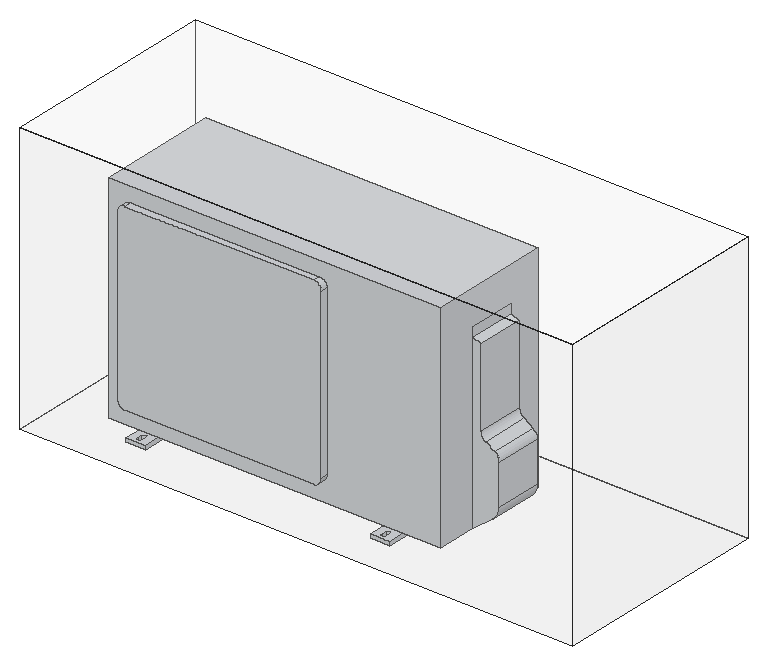
Revit family "mucz-g22_5625_60hz", category 機械設備, Revit 2019
Family settings
  丸型コネクタ寸法 = 直径を使用
  パーツ タイプ = 標準
  OmniClass 番号 = 23.75.10.24.21.27.27
  OmniClass タイトル = Split System Air Conditioning Units
  作業面ベース = いいえ
  常に垂直 = はい
  ロード時にボイドで切り取り = いいえ
  共有 = いいえ
  部屋計算ポイント = いいえ
Parameters (values of type "室外機_MUCZ-G2225")
  風量 = MAX風量  # 1370.0 m³/h
  音響パワーレベル(dB) = if([運転音(強冷房)  db] > [運転音(強暖房)  db], [運転音(強冷房)  db], [運転音(強暖房)  db])  # 59
  電源種別 = ""
  電圧 = 100 V
  電動機出力_送風機 = 22 W
  電動機出力_圧縮機 = 600 W
  運転音(強暖房)  db = 59
  運転音(強冷房)  db = 59
  運転質量 = 0.00 kg
  運転方法 = "冷暖切替"
  質量 = if(製品質量 > 運転質量, 製品質量, 運転質量) * 1.2  # 22.80 kg
  負荷分類 = 1_熱源類
  説明 = "ルームエアコン(霧ヶ峰) GVシリーズ 室外ユニット"
  設計暖房能力 [instance] = 0 kW
  設計冷房能力_顕熱 [instance] = 0 kW
  設計冷房能力 [instance] = 0 kW
  設置方法 = "床置形"
  記号 [instance] = ""
  製造元 = "三菱電機株式会社"
  製品質量 = 19.00 kg
  製品出荷対象 = "国内"
  製品リリース年月 = "-"
  製品グループ = ""
  系統 [instance] = ""
  符号 = "ACR"
  積算_科目 = "1 空気調和設備"
  積算_拾い区分 [instance] = ""
  相 = 1
  盤記号 [instance] = ""
  発停方法 = "付属スイッチ"
  特殊仕様 [instance] = ""
  法定耐用年数 = "6"
  構成品番 = ""
  極数 = 1
  材質 = ""
  本体マテリアル = none
  最大電流値 = 0 A
  暖房能力 = 2.2 kW
  暖房 風量 = 1265.0 m³/h
  推奨ブレーカー容量 = 0 A
  形式 = "パッケージ形 屋外機"
  形名 = MUCZ-G22* : MUCZ-G22*
  幹線記号 = ""
  始動方式 = "直入"
  呼称 = "パッケージ形空気調和機_室外機"
  周波数 = 60 Hz
  冷房 風量 = 1370.0 m³/h
  冷媒　位置Z = 128.5 mm
  冷媒　位置Y = 136 mm
  冷媒　位置X = 361.5 mm
  価格 = 0
  参照している仕様書等のバージョン = "公共建築物標準仕様書（機械設備工事編）平成31年度版"
  分類コード = "50053004206100"
  分類グループ = ""
  冷房能力 = 2.2 kW
  冷媒管径符号 = "Ab"
  冷媒管径 = 100.00 mm
  冷媒液管径 = 6.35 mm
  冷媒ガス管径 = 9.52 mm
  企業コード = "108420"
  付属品 = ""
  仕様書バージョン = "Version1.0"
  モデル = "MUCZ-G2225"
  ドレン穴径 = 42.00 mm
  ドレン　位置Z = 23.5 mm
  ドレン　位置Y = 44 mm
  ドレン　位置X = 0 mm
  サービススペース = yes
  コメント [instance] = ""
  ケーブル種類1 = ""
  【値が 0 の項目は組合せ形名にてご確認ください】 = ""
  Width = 679 mm
  Version = ""
  Uniclass2015Version = "Systems v1.9"
  Uniclass2015Title = "Split coil remote air cooled condensing units"
  Uniclass2015Code = "Pr_70_65_03_84"
  URL = "https://www.mitsubishielectric.co.jp/ldg/wink/"
  SpecificationReference = ""
  SpecificationDescription = ""
  Revision = ""
  ProductInformation = ""
  OmniClassCode = "23-33 17 13 11"
  MAX風量 = if(冷房 風量 > 暖房 風量, 冷房 風量, 暖房 風量)  # 1370.0 m³/h
  IfcTypeProduct = ""
  IfcProduct = ""
  IfcExportType = "AIRCONDITIONINGUNIT"
  IfcExportAs = "IfcUnitaryEquipmentType"
  Height = 453 mm
  Depth = 249 mm
  Clearance Top = 100 mm
  Clearance Right = 350 mm
  Clearance Left = 100 mm
  Clearance Front = 100 mm
  Clearance Bottom = 0 mm
  Clearance Back = 100 mm
  COP_暖房 = 4.68
  COP_冷房 = 3.36
  COP = (COP_冷房 + COP_暖房) / 2  # 4.02
  Author = "三菱電機株式会社"
  APF = 0
Types (19, lengths in mm): name | 風量 | 音響パワーレベル(dB) | 電圧 | 電動機出力_送風機 | 電動機出力_圧縮機 | 運転音(強暖房)  db | 運転音(強冷房)  db | 質量 | 製品質量 | 暖房能力 | 暖房 風量 | 形名 | 冷房 風量 | 冷媒　位置Z | 冷媒　位置Y | 冷媒　位置X | 冷房能力 | モデル | ドレン穴径 | ドレン　位置Z | ドレン　位置Y | Width | MAX風量 | Height | Depth | Clearance Front | COP_暖房 | COP_冷房 | COP
  (no name) | 1370.0 m³/h | 59 | 100 V | 22 W | 600 W | 59 | 59 | 22.80 kg | 19.00 kg | 2.2 kW | 1265.0 m³/h | MUCZ-G22* : MUCZ-G22* | 1370.0 m³/h | 128.5 | 136 | 361.5 | 2.2 kW | "MUCZ-G2225" | 42.00 | 23.5 | 44 | 679 | 1370.0 m³/h | 453 | 249 | 100 | 4.68 | 3.36 | 4.02
  室外機_MUCZ-G2225 | 1370.0 m³/h | 59 | 100 V | 22 W | 600 W | 59 | 59 | 22.80 kg | 19.00 kg | 2.2 kW | 1265.0 m³/h | MUCZ-G22* : MUCZ-G22* | 1370.0 m³/h | 128.5 | 136 | 361.5 | 2.2 kW | "MUCZ-G2225" | 42.00 | 23.5 | 44 | 679 | 1370.0 m³/h | 453 | 249 | 100 | 4.68 | 3.36 | 4.02
  室外機_MUCZ-G2525 | 1690.0 m³/h | 61 | 100 V | 22 W | 650 W | 60 | 61 | 22.80 kg | 19.00 kg | 2.8 kW | 1490.0 m³/h | MUCZ-G25_28* : MUCZ-G25_28* | 1690.0 m³/h | 128.5 | 136 | 361.5 | 2.5 kW | "MUCZ-G2525" | 42.00 | 23.5 | 44 | 679 | 1690.0 m³/h | 453 | 249 | 100 | 4.48 | 3.36 | 3.92
  室外機_MUCZ-G2825 | 1710.0 m³/h | 65 | 100 V | 22 W | 750 W | 65 | 62 | 24.00 kg | 20.00 kg | 3.6 kW | 1600.0 m³/h | MUCZ-G25_28* : MUCZ-G25_28* | 1710.0 m³/h | 128.5 | 136 | 361.5 | 2.8 kW | "MUCZ-G2825" | 42.00 | 23.5 | 44 | 679 | 1710.0 m³/h | 453 | 249 | 100 | 3.96 | 3.5 | 3.73
  室外機_MUCZ-G3625 | 2110.0 m³/h | 64 | 100 V | 22 W | 950 W | 64 | 61 | 27.60 kg | 23.00 kg | 4.2 kW | 2015.0 m³/h | MUCZ-G36* : MUCZ-G36* | 2110.0 m³/h | 130.5 | 121 | 371.5 | 3.6 kW | "MUCZ-G3625" | 33.00 | 23.5 | 42 | 699 | 2110.0 m³/h | 538 | 249 | 100 | 3.46 | 2.54 | 3
  室外機_MUCZ-G4025S | 2280.0 m³/h | 64 | 200 V | 50 W | 1100 W | 64 | 61 | 33.60 kg | 28.00 kg | 5 kW | 2280.0 m³/h | MUCZ-G40_56*S : MUCZ-G40_56*S | 2280.0 m³/h | 132.5 | 171 | 429 | 4 kW | "MUCZ-G4025S" | 42.00 | 45 | 44 | 800 | 2280.0 m³/h | 550 | 285 | 200 | 3.38 | 2.41 | 2.895
  室外機_MUCZ-G5625S | 2135.0 m³/h | 68 | 200 V | 50 W | 1500 W | 68 | 65 | 40.80 kg | 34.00 kg | 6.7 kW | 2135.0 m³/h | MUCZ-G40_56*S : MUCZ-G40_56*S | 2040.0 m³/h | 132.5 | 171 | 429 | 5.6 kW | "MUCZ-G5625S" | 42.00 | 45 | 44 | 800 | 2135.0 m³/h | 550 | 285 | 200 | 3.38 | 2.35 | 2.865
  室外機_MUCZ-G2225E | 1370.0 m³/h | 59 | 100 V | 22 W | 600 W | 59 | 59 | 22.80 kg | 19.00 kg | 2.2 kW | 1265.0 m³/h | MUCZ-G22* : MUCZ-G22* | 1370.0 m³/h | 128.5 | 136 | 361.5 | 2.2 kW | "MUCZ-G2225E" | 42.00 | 23.5 | 44 | 679 | 1370.0 m³/h | 453 | 249 | 100 | 4.68 | 3.36 | 4.02
  室外機_MUCZ-G2225EE | 1370.0 m³/h | 59 | 100 V | 22 W | 600 W | 59 | 59 | 22.80 kg | 19.00 kg | 2.2 kW | 1265.0 m³/h | MUCZ-G22* : MUCZ-G22* | 1370.0 m³/h | 128.5 | 136 | 361.5 | 2.2 kW | "MUCZ-G2225EE" | 42.00 | 23.5 | 44 | 679 | 1370.0 m³/h | 453 | 249 | 100 | 4.68 | 3.36 | 4.02
  室外機_MUCZ-G2525E | 1690.0 m³/h | 61 | 100 V | 22 W | 650 W | 60 | 61 | 22.80 kg | 19.00 kg | 2.8 kW | 1490.0 m³/h | MUCZ-G25_28* : MUCZ-G25_28* | 1690.0 m³/h | 128.5 | 136 | 361.5 | 2.5 kW | "MUCZ-G2525E" | 42.00 | 23.5 | 44 | 679 | 1690.0 m³/h | 453 | 249 | 100 | 4.48 | 3.36 | 3.92
  室外機_MUCZ-G2525EE | 1690.0 m³/h | 61 | 100 V | 22 W | 650 W | 60 | 61 | 22.80 kg | 19.00 kg | 2.8 kW | 1490.0 m³/h | MUCZ-G25_28* : MUCZ-G25_28* | 1690.0 m³/h | 128.5 | 136 | 361.5 | 2.5 kW | "MUCZ-G2525EE" | 42.00 | 23.5 | 44 | 679 | 1690.0 m³/h | 453 | 249 | 100 | 4.48 | 3.36 | 3.92
  室外機_MUCZ-G2825E | 1710.0 m³/h | 65 | 100 V | 22 W | 750 W | 65 | 62 | 24.00 kg | 20.00 kg | 3.6 kW | 1600.0 m³/h | MUCZ-G25_28* : MUCZ-G25_28* | 1710.0 m³/h | 128.5 | 136 | 361.5 | 2.8 kW | "MUCZ-G2825E" | 42.00 | 23.5 | 44 | 679 | 1710.0 m³/h | 453 | 249 | 100 | 3.96 | 3.5 | 3.73
  室外機_MUCZ-G2825EE | 1710.0 m³/h | 65 | 100 V | 22 W | 750 W | 65 | 62 | 24.00 kg | 20.00 kg | 3.6 kW | 1600.0 m³/h | MUCZ-G25_28* : MUCZ-G25_28* | 1710.0 m³/h | 128.5 | 136 | 361.5 | 2.8 kW | "MUCZ-G2825EE" | 42.00 | 23.5 | 44 | 679 | 1710.0 m³/h | 453 | 249 | 100 | 3.96 | 3.5 | 3.73
  室外機_MUCZ-G3625E | 2110.0 m³/h | 64 | 100 V | 22 W | 950 W | 64 | 61 | 27.60 kg | 23.00 kg | 4.2 kW | 2015.0 m³/h | MUCZ-G36* : MUCZ-G36* | 2110.0 m³/h | 130.5 | 121 | 371.5 | 3.6 kW | "MUCZ-G3625E" | 33.00 | 23.5 | 42 | 699 | 2110.0 m³/h | 538 | 249 | 100 | 3.46 | 2.54 | 3
  室外機_MUCZ-G3625EE | 2110.0 m³/h | 64 | 100 V | 22 W | 950 W | 64 | 61 | 27.60 kg | 23.00 kg | 4.2 kW | 2015.0 m³/h | MUCZ-G36* : MUCZ-G36* | 2110.0 m³/h | 130.5 | 121 | 371.5 | 3.6 kW | "MUCZ-G3625EE" | 33.00 | 23.5 | 42 | 699 | 2110.0 m³/h | 538 | 249 | 100 | 3.46 | 2.54 | 3
  室外機_MUCZ-G4025SE | 2280.0 m³/h | 64 | 200 V | 50 W | 1100 W | 64 | 61 | 33.60 kg | 28.00 kg | 5 kW | 2280.0 m³/h | MUCZ-G40_56*S : MUCZ-G40_56*S | 2280.0 m³/h | 132.5 | 171 | 429 | 4 kW | "MUCZ-G4025SE" | 42.00 | 45 | 44 | 800 | 2280.0 m³/h | 550 | 285 | 200 | 3.38 | 2.41 | 2.895
  室外機_MUCZ-G4025SEE | 2280.0 m³/h | 64 | 200 V | 50 W | 1100 W | 64 | 61 | 33.60 kg | 28.00 kg | 5 kW | 2280.0 m³/h | MUCZ-G40_56*S : MUCZ-G40_56*S | 2280.0 m³/h | 132.5 | 171 | 429 | 4 kW | "MUCZ-G4025SEE" | 42.00 | 45 | 44 | 800 | 2280.0 m³/h | 550 | 285 | 200 | 3.38 | 2.41 | 2.895
  室外機_MUCZ-G5625SE | 2135.0 m³/h | 68 | 200 V | 50 W | 1500 W | 68 | 65 | 40.80 kg | 34.00 kg | 6.7 kW | 2135.0 m³/h | MUCZ-G40_56*S : MUCZ-G40_56*S | 2040.0 m³/h | 132.5 | 171 | 429 | 5.6 kW | "MUCZ-G5625SE" | 42.00 | 45 | 44 | 800 | 2135.0 m³/h | 550 | 285 | 200 | 3.38 | 2.35 | 2.865
  室外機_MUCZ-G5625SEE | 2135.0 m³/h | 68 | 200 V | 50 W | 1500 W | 68 | 65 | 40.80 kg | 34.00 kg | 6.7 kW | 2135.0 m³/h | MUCZ-G40_56*S : MUCZ-G40_56*S | 2040.0 m³/h | 132.5 | 171 | 429 | 5.6 kW | "MUCZ-G5625SEE" | 42.00 | 45 | 44 | 800 | 2135.0 m³/h | 550 | 285 | 200 | 3.38 | 2.35 | 2.865
Reference planes
  plane 1 "中心(正面/背面)": y = 74
  plane 2: z = 0
  plane 3 "中心(左/右)": x = 830
  plane 4 "右": x = 1169.5
  plane 5 "左": x = 490.5
  plane 6 "背面": y = 198.5
  plane 7 "正面": y = -50.5
  plane 8 "上部": z = 453
  plane 9 "Clearanse Top": z = 553
  plane 10 "SS_back": y = 298.5
  plane 11 "SS_front": y = -150.5
  plane 12 "SS_left": x = 390.5
  plane 13 "SS_right": x = 1519.5
  plane 14: z = 0
  plane 15: z = 23.5
  plane 16: z = 24.5
  plane 17: y = 154.5
  plane 18: y = 62.5
  plane 19: z = 128.5
  plane 20: x = 1191.5
  plane 21: z = 50
  plane 22: x = 1168.5
  plane 23: x = 1167.5
  plane 24: y = 63.5
Forms (mm)
  Extrusion 1, solid, material <- "本体マテリアル", detail levels fine
    sketch origin (-1437.329, -1524, 54) x (-1, 0, 0) y (0, -1, 0)
      loop
        circle (-2267.329, -1678.5) r 21
    from -30.5 to -29.5
  Extrusion 2, solid, material <- "本体マテリアル", detail levels fine
    sketch origin (1169.5, 0, 0) x (0, 1, 0) y (0, 0, 1)
      loop
        circle (154.5, 50) r 10
    from -1 to -2
  Extrusion 3, solid, material <- "本体マテリアル", detail levels fine
    sketch origin (0, -50.5, 0) x (1, 0, 0) y (0, 0, 1)
      loop
        circle (1191.5, 128.5) r 25
    from -114 to -113
Dimensions and locks
  equal spacing: plane 7 "正面", plane 1 "中心(正面/背面)", plane 6 "背面"
  "Depth": plane 7 "正面" to plane 6 "背面"
  "Width": plane 5 "左" to plane 4 "右"
  equal spacing: plane 5 "左", plane 3 "中心(左/右)", plane 4 "右"
  "Clearance Left": plane 12 "SS_left" to plane 5 "左"
  "Clearance Right": plane 4 "右" to plane 13 "SS_right"
  "Clearance Back": plane 6 "背面" to plane 10 "SS_back"
  "Clearance Front": plane 11 "SS_front" to plane 7 "正面"
  "Height": plane 8 "上部" to level
  "Clearance Top": plane 9 "Clearanse Top" to plane 8 "上部"
  "Clearance Bottom": level to plane 14
  "ドレン　位置Z": plane 15 to level
  locked: plane 16 to plane 15 at 1
  "冷媒　位置Z": plane 19 to level
  "冷媒　位置X": plane 3 "中心(左/右)" to plane 20
  locked: plane 22 to plane 4 "右" at 1
  plane 21 to level = 50 mm
  locked: plane 23 to plane 22 at 1
  "冷媒　位置Y": plane 18 to plane 6 "背面"
  "ドレン　位置Y": plane 17 to plane 6 "背面"
  locked: plane 18 to plane 24 at 1
  "ドレン穴径": diameter of Extrusion 1 sketch curve
  diameter of Extrusion 3 sketch curve = 50 mm
  aligned and locked: level to plane 2
  aligned and locked: plane 10 "SS_back" to nested 1  (x2)
  aligned and locked: plane 13 "SS_right" to nested 1
  aligned and locked: plane 12 "SS_left" to nested 1  (x2)
  aligned and locked: nested 1 to plane 13 "SS_right"
  aligned and locked: plane 11 "SS_front" to nested 1
  aligned and locked: plane 9 "Clearanse Top" to nested 1
  aligned and locked: plane 1 "中心(正面/背面)" to nested 2
  aligned and locked: plane 3 "中心(左/右)" to nested 2
  aligned and locked: plane 14 to nested 1
  aligned and locked: Extrusion 1 to plane 15
  aligned and locked: plane 16 to Extrusion 1
  aligned and locked: plane 17 to Extrusion 1 sketch curve
  aligned and locked: plane 3 "中心(左/右)" to Extrusion 1 sketch curve
  aligned and locked: plane 21 to Extrusion 2 sketch curve
  aligned and locked: plane 17 to Extrusion 2 sketch curve
  aligned and locked: Extrusion 2 to plane 22
  aligned and locked: Extrusion 2 to plane 23
  aligned and locked: plane 19 to Extrusion 3 sketch curve
  aligned and locked: plane 20 to Extrusion 3 sketch curve
  aligned and locked: plane 18 to Extrusion 3
  aligned and locked: Extrusion 3 to plane 24
Automatic sketch dimensions
  radius of Extrusion 2 sketch curve = 10 mm
Nested families
  nested 1: "サービススペース_MUCZ-G25-5623" at (955, 74, 276.5), visible <- "サービススペース", type "サービススペース_MUCZ-G25-5623"
    with Width 1129 mm, Height 553 mm, Depth 449 mm
  nested 2: "MUCZ-G22*" at (830, 74, 0), type <- "形名", マテリアル <- "本体マテリアル", type "MUCZ-G22*"
    with 表示 yes, マテリアル none, ボルトピッチ Y 260 mm, ボルトピッチ X 500 mm, W 679 mm, H 453 mm, D 249 mm
Connectors
  electrical at (1168.5, 154.5, 50), driven by "極数", driven by "負荷分類", driven by "電圧"
    settings: on Extrusion 2, index 1, voltage 100 V, apparent load 655 VA, apparent load phase1 655 VA, apparent load phase2 0 VA, apparent load phase3 0 VA, power factor 1, load classification "1_熱源類", number of poles 1, system type 30, power factor state 1, is connector primary yes, connector utility no, sub classification motor no, connector description ""
  piping at (830, 154.5, 23.5), diameter 42, driven by "ドレン穴径"
    settings: on Extrusion 1, index 3, connector inside diameter 609.60 mm, connector length 0 mm, flow factor 0, pipe flow 0.0 L/s, pressure drop 0.0 Pa, fitting loss kfactor 0, connector angle 0.00°, fixture units 0, engagement length 0 mm, angle of deflection 0.00°, flow configuration 1, flow direction 2, fitting loss method 4, system type 16, joint type 0, gender type 0, connector reference index -1, connector utility 0, adjustable connector no, is connector primary yes, connector description ""
  piping at (1191.5, 63.5, 128.5), diameter 100, driven by "冷媒管径", driven by "冷媒管径符号"
    settings: on Extrusion 3, index 4, connector inside diameter 609.60 mm, connector length 0 mm, flow factor 0, pipe flow 0.0 L/s, pressure drop 0.0 Pa, fitting loss kfactor 0, connector angle 0.00°, fixture units 0, engagement length 0 mm, angle of deflection 0.00°, flow configuration 1, flow direction 2, fitting loss method 4, system type 7, joint type 0, gender type 0, connector reference index -1, connector utility 0, adjustable connector no, is connector primary no, connector description "Ab"
Definition of nested family "サービススペース_MUCZ-G25-5623"
  Parameters (values of type "サービススペース")
    Width [instance] = 500 mm
    Height [instance] = 500 mm
    Depth [instance] = 500 mm
  Reference planes
    plane 1 "中心(正面/背面)": y = 0
    plane 2: z = 0
    plane 3 "中心(左/右)": x = 0
    plane 4: y = -250
    plane 5: x = 250
    plane 6: y = 250
    plane 7: x = -250
    plane 8: z = 250
    plane 9: z = -250
  Forms (mm)
    Extrusion 1, solid
      sketch origin (-638.939, 0, 72.39) x (1, 0, 0) y (0, 1, 0)
        loop
          line (388.939, 250) -> (388.939, -250) -> (888.939, -250) -> (888.939, 250) -> (388.939, 250)
      from -322.39 to 177.61
  Lines and regions (mm)
    symbolic lines
      curve 1: line (-250, 0, 250) -> (250, 0, 250)
      curve 2: line (-250, 0, -250) -> (-250, 0, 250)
      curve 3: line (250, 0, -250) -> (-250, 0, -250)
      curve 4: line (250, 0, 250) -> (250, 0, -250)
      curve 5: line (0, -250, 250) -> (0, 250, 250)
      curve 6: line (0, -250, -250) -> (0, -250, 250)
      curve 7: line (0, 250, -250) -> (0, -250, -250)
      curve 8: line (0, 250, 250) -> (0, 250, -250)
      curve 9: line (-250, 250, 0) -> (250, 250, 0)
      curve 10: line (-250, -250, 0) -> (-250, 250, 0)
      curve 11: line (250, -250, 0) -> (-250, -250, 0)
      curve 12: line (250, 250, 0) -> (250, -250, 0)
  Dimensions and locks
    equal spacing: plane 7, plane 3 "中心(左/右)", plane 5
    equal spacing: plane 4, plane 1 "中心(正面/背面)", plane 6
    "Depth": plane 4 to plane 6
    "Width": plane 7 to plane 5
    equal spacing: plane 8, plane 2, plane 9
    "Height": plane 8 to plane 9
    aligned and locked: plane 9 to curve 3
    aligned and locked: plane 7 to curve 2
    aligned and locked: curve 4 to plane 5
    aligned and locked: plane 5 to Extrusion 1
    aligned and locked: Extrusion 1 to plane 7
    aligned and locked: Extrusion 1 to plane 9
    aligned and locked: plane 8 to Extrusion 1
    aligned and locked: plane 9 to curve 7
  Automatic sketch dimensions
    plane 4 to Extrusion 1 sketch curve = 0 mm
    Extrusion 1 sketch curve to plane 7 = 0 mm
    Extrusion 1 sketch curve to plane 5 = 0 mm
    plane 6 to Extrusion 1 sketch curve = 0 mm
    curve 2 to plane 8 = 0 mm
    plane 4 to curve 11 = 0 mm
    curve 11 to plane 7 = 0 mm
    curve 11 to plane 5 = 0 mm
    plane 6 to curve 10 = 0 mm
    curve 7 to plane 4 = 0 mm
    curve 7 to plane 6 = 0 mm
    curve 6 to plane 8 = 0 mm
Definition of nested family "MUCZ-G22*"
  Parameters (values of type "MUCZ-G2223")
    ボルトピッチ Y [instance] = 260 mm  # constant formula
    ボルトピッチ X [instance] = 500 mm  # constant formula
    H [instance] = 453 mm  # constant formula
    D [instance] = 249 mm  # constant formula
    マテリアル [instance] = none
    表示 [instance] = yes
    W [instance] = 679 mm  # constant formula
  Reference planes
    plane 1 "中心(正面/背面)": y = 0
    plane 2: z = 0
    plane 3 "中心(左/右)": x = 0
    plane 4: z = 453
    plane 5: x = -339.5
    plane 6: x = 339.5
    plane 7: y = 124.5
    plane 8: y = -124.5
    plane 9: x = 361.5
    plane 10: x = -263.5
    plane 11: y = 135.5
    plane 12: y = -149.5
    plane 13: y = -134.5
  Forms (mm)
    Extrusion 1, solid, material <- "マテリアル", visible <- "表示", detail levels fine
      sketch origin (-1437.329, -1524, 453) x (-1, 0, 0) y (0, -1, 0)
        loop
          line (-1153.829, -1635) -> (-1153.829, -1409.5) -> (-1193.829, -1409.5) -> (-1193.829, -1635) -> (-1153.829, -1635)
        loop
          line (-1653.829, -1635) -> (-1653.829, -1409.5) -> (-1693.829, -1409.5) -> (-1693.829, -1635) -> (-1653.829, -1635)
      from -453 to -439.5
    Extrusion 2, solid, material <- "マテリアル", visible <- "表示", detail levels fine
      sketch origin (-1437.329, -1524, 453) x (-1, 0, 0) y (0, -1, 0)
        loop
          line (-1776.829, -1628.5) -> (-1097.829, -1628.5) -> (-1097.829, -1399.5) -> (-1776.829, -1399.5) -> (-1776.829, -1628.5)
      from -429.5 to 0
    Blend 3, solid, material <- "マテリアル", visible <- "表示", detail levels fine
      base sketch origin (0, 0, 0) x (0, 1, 0) y (0, 0, 1)
        loop
          line (21.3, 444.8) -> (-68.7, 444.8) -> (-68.7, 438) -> (21.3, 438) -> (21.3, 444.8)
      top sketch origin (0, 0, 0) x (0, 1, 0) y (0, 0, 1)
        loop
          line (8.8, 440) -> (-56.2, 440) -> (-56.2, 438) -> (8.8, 438) -> (8.8, 440)
      from -339.5 to -352.5
    Extrusion 4, solid, material <- "マテリアル", visible <- "表示", detail levels fine
      sketch origin (0, 0, 0) x (1, 0, 0) y (0, 0, 1)
        loop
          line (339.5, 383.5) -> (339.5, 13.5) -> (382.554, 45.944)
          arc (382.554, 45.944) -> (391.348, 56.517) -> (394.5, 69.903) r 30
          line (394.5, 69.903) -> (394.5, 152.957)
          arc (394.5, 152.957) -> (392.192, 162.284) -> (385.802, 169.458) r 20
          line (385.802, 169.458) -> (366.698, 182.542)
          arc (366.698, 182.542) -> (360.308, 189.716) -> (358, 199.043) r 20
          line (358, 199.043) -> (358, 357.5) -> (341, 365.1) -> (341, 383.5) -> (339.5, 383.5)
      from -53.5 to 43.5
    Extrusion 5, solid, material <- "マテリアル", visible <- "表示", detail levels fine
      sketch origin (-1437.329, -1524, 453) x (-1, 0, 0) y (0, -1, 0)
        loop
          line (-1153.829, -1659.5) -> (-1153.829, -1635) -> (-1193.829, -1635) -> (-1193.829, -1659.5) -> (-1178.829, -1659.5) -> (-1178.829, -1642.5)
          arc (-1178.829, -1642.5) -> (-1173.829, -1637.5) -> (-1168.829, -1642.5) r 5
          line (-1168.829, -1642.5) -> (-1168.829, -1659.5) -> (-1153.829, -1659.5)
        loop
          line (-1653.829, -1659.5) -> (-1653.829, -1635) -> (-1693.829, -1635) -> (-1693.829, -1659.5) -> (-1678.829, -1659.5) -> (-1678.829, -1642.5)
          arc (-1678.829, -1642.5) -> (-1673.829, -1637.5) -> (-1668.829, -1642.5) r 5
          line (-1668.829, -1642.5) -> (-1668.829, -1659.5) -> (-1653.829, -1659.5)
        loop
          line (-1653.829, -1409.5) -> (-1653.829, -1374.5) -> (-1693.829, -1374.5) -> (-1693.829, -1409.5) -> (-1653.829, -1409.5)
        loop
          line (-1153.829, -1409.5) -> (-1153.829, -1374.5) -> (-1193.829, -1374.5) -> (-1193.829, -1409.5) -> (-1153.829, -1409.5)
        loop
          arc (-1678.829, -1393.5) -> (-1673.829, -1398.5) -> (-1668.829, -1393.5) r 5
          line (-1668.829, -1393.5) -> (-1668.829, -1384.5)
          arc (-1668.829, -1384.5) -> (-1673.829, -1379.5) -> (-1678.829, -1384.5) r 5
          line (-1678.829, -1384.5) -> (-1678.829, -1393.5)
        loop
          line (-1168.829, -1394.915) -> (-1168.829, -1385.906)
          arc (-1168.829, -1385.906) -> (-1173.879, -1380.856) -> (-1178.928, -1385.906) r 5.05
          line (-1178.928, -1385.906) -> (-1178.928, -1394.915)
          arc (-1178.928, -1394.915) -> (-1173.879, -1399.965) -> (-1168.829, -1394.915) r 5.05
      from -446 to -453
    Extrusion 6, solid, material <- "マテリアル", visible <- "表示", detail levels fine
      sketch origin (1480.036, -173.2, 1200) x (1, 0, 0) y (0, 0, 1)
        loop
          line (-1788.036, -791.7) -> (-1788.036, -1134.7)
          arc (-1788.036, -1134.7) -> (-1783.643, -1145.307) -> (-1773.036, -1149.7) r 15
          line (-1773.036, -1149.7) -> (-1388.036, -1149.7)
          arc (-1388.036, -1149.7) -> (-1377.43, -1145.307) -> (-1373.036, -1134.7) r 15
          line (-1373.036, -1134.7) -> (-1373.036, -791.7)
          arc (-1373.036, -791.7) -> (-1377.43, -781.093) -> (-1388.036, -776.7) r 15
          line (-1388.036, -776.7) -> (-1773.036, -776.7)
          arc (-1773.036, -776.7) -> (-1783.643, -781.093) -> (-1788.036, -791.7) r 15
      from -48.7 to -33.7
    Sweep 7, solid, visible <- "表示", detail levels fine
      path in 3D
        loop
          line (361.5, -11.5, 156) -> (361.5, 7.568, 172)
      profile origin (361.5, -1.966, 164) x (0, -0.642788, 0.766044) y (1, 0, 0)
        loop
          circle (0, 0) r 6.35
    Sweep 8, solid, visible <- "表示", detail levels fine
      path in 3D
        loop
          line (361.5, -11.5, 101) -> (361.5, 6.73, 118)
      profile origin (361.5, -2.385, 109.5) x (0, -0.681998, 0.731354) y (1, 0, 0)
        loop
          circle (0, 0) r 9.52
    Extrusion 9, solid, material <- "マテリアル", visible <- "表示", detail levels fine
      sketch origin (1480.036, -173.2, 1200) x (1, 0, 0) y (0, 0, 1)
        loop
          line (-1819.536, -747) -> (-1819.536, -1186.5) -> (-1140.536, -1186.5) -> (-1140.536, -747) -> (-1819.536, -747)
        loop
          line (-1255.536, -771) -> (-1779.536, -771) -> (-1779.536, -1154) -> (-1255.536, -1154) -> (-1255.536, -771)
      from -297.7 to -277.7
    Extrusion 10, solid, material <- "マテリアル", visible <- "表示", detail levels fine
      sketch origin (0, 0, 0) x (1, 0, 0) y (0, 1, 0)
        loop
          line (-339.5, 104.5) -> (-339.5, -124.5) -> (339.5, -124.5) -> (339.5, 104.5) -> (-339.5, 104.5)
        loop
          circle (0, 80.5) r 21
      from 13.5 to 23.5
  Cuts and joins
    joined: Extrusion 1, Extrusion 5
    joined: Extrusion 2, Extrusion 9, Extrusion 10
  Lines and regions (mm)
    Masking region 1, visible <- "表示", detail levels coarse+medium
      outline origin (-1437.329, -1524, 453) x (-1, 0, 0) y (0, -1, 0)
        loop
          line (-1776.829, -1399.5) -> (-1776.829, -1648.5) -> (-1097.829, -1648.5) -> (-1097.829, -1399.5) -> (-1776.829, -1399.5)
    model lines, visible <- "表示", detail levels fine
      curve 1: line (-319, -98.5, 453) -> (319, -98.5, 453)
      curve 2: line (-319, -83.5, 453) -> (319, -83.5, 453)
      curve 3: line (-319, -83.5, 453) -> (-319, -98.5, 453)
      curve 4: line (319, -98.5, 453) -> (319, -83.5, 453)
      curve 5: line (-319, -65.5, 453) -> (319, -65.5, 453)
      curve 6: line (-319, -50.5, 453) -> (319, -50.5, 453)
      curve 7: line (-319, -50.5, 453) -> (-319, -65.5, 453)
      curve 8: line (319, -65.5, 453) -> (319, -50.5, 453)
      curve 9: line (-319, -32.5, 453) -> (319, -32.5, 453)
      curve 10: line (-319, -17.5, 453) -> (319, -17.5, 453)
      curve 11: line (-319, -17.5, 453) -> (-319, -32.5, 453)
      curve 12: line (319, -32.5, 453) -> (319, -17.5, 453)
      curve 13: line (-319, 0.5, 453) -> (319, 0.5, 453)
      curve 14: line (-319, 15.5, 453) -> (319, 15.5, 453)
      curve 15: line (-319, 15.5, 453) -> (-319, 0.5, 453)
      curve 16: line (319, 0.5, 453) -> (319, 15.5, 453)
      curve 17: line (-319, 69, 453) -> (319, 69, 453)
      curve 18: line (-319, 84, 453) -> (319, 84, 453)
      curve 19: line (-319, 84, 453) -> (-319, 69, 453)
      curve 20: line (319, 69, 453) -> (319, 84, 453)
      curve 21: line (-308, -139.5, 78.3) -> (107, -139.5, 78.3)
      curve 22: line (-308, -139.5, 176.3) -> (107, -139.5, 176.3)
      curve 23: line (107, -139.5, 395.3) -> (-308, -139.5, 395.3)
      curve 24: line (107, -139.5, 372.3) -> (-308, -139.5, 372.3)
      curve 25: line (107, -139.5, 274.3) -> (-308, -139.5, 274.3)
      curve 26: line (-100.5, -139.5, 423.3) -> (-100.5, -139.5, 50.3)
      curve 27: circle (-100.5, -139.5, 236.8) r 186 normal (0, -1, 0)
      curve 28: arc (-213, -139.5, 423.529) -> (-271.36, -139.5, 372.191) -> (-308, -139.5, 303.641) r 218
      curve 29: arc (-308, -139.5, 169.959) -> (-271.36, -139.5, 101.409) -> (-213, -139.5, 50.071) r 218
      curve 30: arc (12, -139.5, 50.071) -> (70.36, -139.5, 101.409) -> (107, -139.5, 169.959) r 218
      curve 31: arc (107, -139.5, 303.641) -> (70.36, -139.5, 372.191) -> (12, -139.5, 423.529) r 218
      curve 32: line (-108, -139.5, 50.3) -> (-108, -139.5, 423.3)
      curve 33: line (-115.5, -139.5, 50.3) -> (-115.5, -139.5, 423.3)
      curve 34: line (-123, -139.5, 50.3) -> (-123, -139.5, 423.3)
      curve 35: line (-130.5, -139.5, 50.3) -> (-130.5, -139.5, 423.3)
      curve 36: line (-138, -139.5, 50.3) -> (-138, -139.5, 423.3)
      curve 37: line (-145.5, -139.5, 50.3) -> (-145.5, -139.5, 423.3)
      curve 38: line (-153, -139.5, 50.3) -> (-153, -139.5, 423.3)
      curve 39: line (-160.5, -139.5, 50.3) -> (-160.5, -139.5, 423.3)
      curve 40: line (-168, -139.5, 50.3) -> (-168, -139.5, 423.3)
      curve 41: line (-175.5, -139.5, 50.3) -> (-175.5, -139.5, 423.3)
      curve 42: line (-183, -139.5, 50.3) -> (-183, -139.5, 423.3)
      curve 43: line (-190.5, -139.5, 50.3) -> (-190.5, -139.5, 423.3)
      curve 44: line (-198, -139.5, 50.3) -> (-198, -139.5, 423.3)
      curve 45: line (-205.5, -139.5, 50.3) -> (-205.5, -139.5, 423.3)
      curve 46: line (-213, -139.5, 50.071) -> (-213, -139.5, 423.529)
      curve 47: line (-220.5, -139.5, 50.071) -> (-220.5, -139.5, 423.529)
      curve 48: line (-228, -139.5, 50.071) -> (-228, -139.5, 423.529)
      curve 49: line (-235.5, -139.5, 50.071) -> (-235.5, -139.5, 423.529)
      curve 50: line (-243, -139.5, 50.071) -> (-243, -139.5, 423.529)
      curve 51: line (-250.5, -139.5, 50.071) -> (-250.5, -139.5, 423.529)
      curve 52: line (-258, -139.5, 50.071) -> (-258, -139.5, 423.529)
      curve 53: line (-265.5, -139.5, 50.071) -> (-265.5, -139.5, 423.529)
      curve 54: line (-273, -139.5, 50.071) -> (-273, -139.5, 423.529)
      curve 55: line (-280.5, -139.5, 50.071) -> (-280.5, -139.5, 423.529)
      curve 56: line (-288, -139.5, 50.071) -> (-288, -139.5, 423.529)
      curve 57: line (-295.5, -139.5, 78.3) -> (-295.5, -139.5, 395.3)
      curve 58: line (-303, -139.5, 78.3) -> (-303, -139.5, 395.3)
      curve 59: line (-93, -139.5, 50.3) -> (-93, -139.5, 423.3)
      curve 60: line (-85.5, -139.5, 50.3) -> (-85.5, -139.5, 423.3)
      curve 61: line (-78, -139.5, 50.3) -> (-78, -139.5, 423.3)
      curve 62: line (-70.5, -139.5, 50.3) -> (-70.5, -139.5, 423.3)
      curve 63: line (-63, -139.5, 50.3) -> (-63, -139.5, 423.3)
      curve 64: line (-55.5, -139.5, 50.3) -> (-55.5, -139.5, 423.3)
      curve 65: line (-48, -139.5, 50.3) -> (-48, -139.5, 423.3)
      curve 66: line (-40.5, -139.5, 50.3) -> (-40.5, -139.5, 423.3)
      curve 67: line (-33, -139.5, 50.3) -> (-33, -139.5, 423.3)
      curve 68: line (-25.5, -139.5, 50.3) -> (-25.5, -139.5, 423.3)
      curve 69: line (-18, -139.5, 50.3) -> (-18, -139.5, 423.3)
      curve 70: line (-10.5, -139.5, 50.3) -> (-10.5, -139.5, 423.3)
      curve 71: line (-3, -139.5, 50.3) -> (-3, -139.5, 423.3)
      curve 72: line (4.5, -139.5, 50.3) -> (4.5, -139.5, 423.3)
      curve 73: line (12, -139.5, 50.071) -> (12, -139.5, 423.529)
      curve 74: line (19.5, -139.5, 50.071) -> (19.5, -139.5, 423.529)
      curve 75: line (27, -139.5, 50.071) -> (27, -139.5, 423.529)
      curve 76: line (34.5, -139.5, 50.071) -> (34.5, -139.5, 423.529)
      curve 77: line (42, -139.5, 50.071) -> (42, -139.5, 423.529)
      curve 78: line (49.5, -139.5, 50.071) -> (49.5, -139.5, 423.529)
      curve 79: line (57, -139.5, 50.071) -> (57, -139.5, 423.529)
      curve 80: line (64.5, -139.5, 50.071) -> (64.5, -139.5, 423.529)
      curve 81: line (72, -139.5, 50.071) -> (72, -139.5, 423.529)
      curve 82: line (79.5, -139.5, 50.071) -> (79.5, -139.5, 423.529)
      curve 83: line (87, -139.5, 50.071) -> (87, -139.5, 423.529)
      curve 84: line (94.5, -139.5, 78.3) -> (94.5, -139.5, 395.3)
      curve 85: line (102, -139.5, 78.3) -> (102, -139.5, 395.3)
      curve 86: line (277.5, -124.5, 100.3) -> (277.5, -124.5, 299.7)
      curve 87: line (282.5, -124.5, 299.7) -> (282.5, -124.5, 100.3)
      curve 88: line (277.5, -124.5, 100.3) -> (282.5, -124.5, 100.3)
      curve 89: line (282.5, -124.5, 299.7) -> (277.5, -124.5, 299.7)
      curve 90: line (247.5, -124.5, 100.3) -> (247.5, -124.5, 299.7)
      curve 91: line (252.5, -124.5, 299.7) -> (252.5, -124.5, 100.3)
      curve 92: line (247.5, -124.5, 100.3) -> (252.5, -124.5, 100.3)
      curve 93: line (252.5, -124.5, 299.7) -> (247.5, -124.5, 299.7)
      curve 94: line (217.5, -124.5, 100.3) -> (217.5, -124.5, 299.7)
      curve 95: line (222.5, -124.5, 299.7) -> (222.5, -124.5, 100.3)
      curve 96: line (217.5, -124.5, 100.3) -> (222.5, -124.5, 100.3)
      curve 97: line (222.5, -124.5, 299.7) -> (217.5, -124.5, 299.7)
      curve 98: line (187.5, -124.5, 100.3) -> (187.5, -124.5, 299.7)
      curve 99: line (192.5, -124.5, 299.7) -> (192.5, -124.5, 100.3)
      curve 100: line (187.5, -124.5, 100.3) -> (192.5, -124.5, 100.3)
      curve 101: line (192.5, -124.5, 299.7) -> (187.5, -124.5, 299.7)
      curve 102: line (157.5, -124.5, 100.3) -> (157.5, -124.5, 299.7)
      curve 103: line (162.5, -124.5, 299.7) -> (162.5, -124.5, 100.3)
      curve 104: line (157.5, -124.5, 100.3) -> (162.5, -124.5, 100.3)
      curve 105: line (162.5, -124.5, 299.7) -> (157.5, -124.5, 299.7)
      curve 106: line (-339.5, -100.5, 397.224) -> (-339.5, -100.5, 45.089)
      curve 107: line (-339.5, -85.5, 397.224) -> (-339.5, -85.5, 45.089)
      curve 108: line (-339.5, 27.3, 400) -> (-339.5, 27.3, 54.3)
      curve 109: line (-339.5, 37.3, 400) -> (-339.5, 37.3, 54.3)
      curve 110: arc (-339.5, -100.5, 45.089) -> (-339.5, -93, 37.589) -> (-339.5, -85.5, 45.089) r 7.5
      curve 111: arc (-339.5, 27.3, 54.3) -> (-339.5, 32.3, 49.3) -> (-339.5, 37.3, 54.3) r 5
      curve 112: arc (-339.5, -85.5, 397.224) -> (-339.5, -93, 404.724) -> (-339.5, -100.5, 397.224) r 7.5
      curve 113: arc (-339.5, 37.3, 400) -> (-339.5, 32.3, 405) -> (-339.5, 27.3, 400) r 5
    sketch lines
      curve 114: line (361.5, -11.5, 156) -> (361.5, 7.568, 172)
      curve 115: line (361.5, -11.5, 101) -> (361.5, 6.73, 118)
    symbolic lines
      curve 116: line (-339.5, 124.5, 0) -> (339.5, 124.5, 0)
      curve 117: line (-339.5, -124.5, 0) -> (-339.5, 124.5, 0)
      curve 118: line (339.5, -124.5, 0) -> (-339.5, -124.5, 0)
      curve 119: line (339.5, 124.5, 0) -> (339.5, -124.5, 0)
  Dimensions and locks
    equal spacing: plane 8, plane 1 "中心(正面/背面)", plane 7
    "D": plane 8 to plane 7
    equal spacing: plane 5, plane 3 "中心(左/右)", plane 6
    "W": plane 5 to plane 6
    "H": plane 4 to level
    plane 7 to plane 1 "中心(正面/背面)" to plane 8 = 124.5 mm, 124.5 mm
    locked: plane 12 to plane 13 at 15
    locked: plane 12 to plane 11 at 285
    locked: plane 5 to plane 10 at 76
    aligned and locked: level to plane 2
    aligned and locked: Extrusion 1 to level
    aligned and locked: Extrusion 2 sketch curve to plane 8
    aligned and locked: Extrusion 2 sketch curve to plane 5
    aligned and locked: Extrusion 2 sketch curve to plane 6
    aligned and locked: plane 5 to Blend 3
    aligned and locked: Extrusion 4 sketch curve to plane 6
    aligned and locked: level to Extrusion 5
    aligned and locked: Extrusion 6 to plane 8
    aligned and locked: plane 4 to Extrusion 2
    aligned and locked: Extrusion 9 sketch curve to plane 5
    aligned and locked: Extrusion 9 sketch curve to plane 4
    aligned and locked: Extrusion 9 sketch curve to plane 6
    aligned and locked: Extrusion 9 to plane 7
    aligned and locked: Extrusion 10 sketch curve to plane 5
    aligned and locked: Extrusion 10 sketch curve to plane 8
    aligned and locked: Extrusion 10 sketch curve to plane 6
    aligned and locked: Extrusion 10 sketch curve to cut or joined group of Extrusion 2, Extrusion 9, Extrusion 10
    aligned and locked: plane 10 to nested 1
    aligned and locked: plane 13 to nested 1
  Automatic sketch dimensions
    plane 7 to Extrusion 1 sketch curve = 13.5 mm  (x2)
    Extrusion 1 sketch curve to plane 6 = 83 mm
    Extrusion 1 sketch curve to plane 8 = 10 mm  (x2)
    Extrusion 1 sketch curve to Extrusion 1 sketch curve = 40 mm  (x2)
    plane 5 to Extrusion 1 sketch curve = 96 mm
    Blend 3 sketch curve to plane 4 = 8.2 mm
    Blend 3 sketch curve to plane 8 = 55.8 mm
    Blend 3 sketch curve to plane 1 "中心(正面/背面)" = 21.3 mm
    Blend 3 sketch curve to Blend 3 sketch curve = 6.8 mm
    Blend 3 sketch curve to plane 4 = 13 mm
    plane 1 "中心(正面/背面)" to Blend 3 sketch curve = 56.2 mm
    Blend 3 sketch curve to plane 1 "中心(正面/背面)" = 8.8 mm
    Blend 3 sketch curve to Blend 3 sketch curve = 2 mm
    plane 6 to Extrusion 4 sketch curve = 1.5 mm
    plane 6 to Extrusion 4 sketch curve = 18.5 mm
    plane 6 to Extrusion 4 sketch curve = 25 mm
    Extrusion 4 sketch curve to Extrusion 4 sketch curve = 8.698 mm  (x2)
    Extrusion 4 sketch curve to Extrusion 4 sketch curve = 7.802 mm
    Extrusion 4 sketch curve to Extrusion 4 sketch curve = 20 mm
    Extrusion 4 sketch curve to Extrusion 4 sketch curve = 18.054 mm
    Extrusion 4 sketch curve to Extrusion 4 sketch curve = 11.302 mm
    Extrusion 4 sketch curve to Extrusion 4 sketch curve = 83.054 mm
    Extrusion 4 sketch curve to Extrusion 4 sketch curve = 13.085 mm
    Extrusion 4 sketch curve to plane 4 = 95.5 mm
    Extrusion 4 sketch curve to Extrusion 4 sketch curve = 7.6 mm
    Extrusion 4 sketch curve to Extrusion 4 sketch curve = 18.4 mm
    curve 20 to plane 6 = 20.5 mm
    curve 1 to plane 6 = 20.5 mm
    curve 16 to plane 6 = 20.5 mm
    curve 5 to curve 2 = 0 mm
    curve 12 to curve 13 = 0 mm
    plane 5 to curve 11 = 20.5 mm
    plane 5 to curve 7 = 20.5 mm
    curve 13 to plane 1 "中心(正面/背面)" = 0.5 mm
    curve 13 to curve 10 = 0 mm
    plane 5 to curve 3 = 20.5 mm
    plane 5 to curve 17 = 20.5 mm
    curve 15 to curve 13 = 15 mm
    curve 20 to curve 14 = 53.5 mm
    curve 20 to curve 17 = 15 mm
    plane 1 "中心(正面/背面)" to curve 12 = 17.5 mm
    curve 10 to curve 11 = 15 mm
    curve 9 to curve 8 = 18 mm
    curve 6 to curve 8 = 15 mm
    curve 5 to curve 2 = 18 mm
    curve 2 to curve 3 = 15 mm
    plane 8 to Extrusion 5 sketch curve = 25 mm  (x2)
    Extrusion 5 sketch curve to plane 6 = 83 mm  (x2)
    Extrusion 5 sketch curve to plane 7 = 11 mm  (x3)
    Extrusion 5 sketch curve to Extrusion 5 sketch curve = 15 mm  (x7)
    Extrusion 5 sketch curve to Extrusion 5 sketch curve = 5 mm  (x3)
    plane 5 to Extrusion 5 sketch curve = 96 mm  (x2)
    plane 8 to Extrusion 5 sketch curve = 4.585 mm
    Extrusion 5 sketch curve to Extrusion 5 sketch curve = 14.901 mm
    Extrusion 5 sketch curve to Extrusion 5 sketch curve = 5.05 mm
    Extrusion 5 sketch curve to Extrusion 5 sketch curve = 0 mm
    plane 7 to Extrusion 5 sketch curve = 6 mm  (x2)
    plane 7 to Extrusion 5 sketch curve = 13.5 mm  (x2)
    Extrusion 5 sketch curve to plane 8 = 10 mm  (x2)
    plane 8 to Extrusion 5 sketch curve = 6 mm
    Extrusion 5 sketch curve to Extrusion 5 sketch curve = 9.009 mm
    Extrusion 5 sketch curve to Extrusion 5 sketch curve = 9 mm
    plane 5 to Extrusion 6 sketch curve = 31.5 mm
    Extrusion 6 sketch curve to Extrusion 6 sketch curve = 15 mm  (x3)
    plane 3 "中心(左/右)" to Extrusion 6 sketch curve = 92 mm  (x2)
    Extrusion 6 sketch curve to plane 4 = 44.7 mm
    curve 27 to curve 28 = 0 mm  (x2)
    curve 27 to curve 29 = 0 mm  (x2)
    curve 27 to curve 30 = 0 mm  (x2)
    curve 27 to curve 31 = 0 mm  (x2)
    Extrusion 6 to curve 21 = 0 mm
    Extrusion 6 to curve 28 = 0 mm
    Extrusion 6 to curve 22 = 0 mm
    Extrusion 6 to curve 29 = 0 mm
    Extrusion 6 to curve 23 = 0 mm
    Extrusion 6 to curve 25 = 0 mm
    Extrusion 6 to curve 24 = 0 mm
    curve 45 to Extrusion 6 = 0 mm  (x2)
    curve 44 to Extrusion 6 = 0 mm  (x2)
    curve 43 to Extrusion 6 = 0 mm  (x2)
    curve 42 to Extrusion 6 = 0 mm  (x2)
    curve 41 to Extrusion 6 = 0 mm  (x2)
    curve 40 to Extrusion 6 = 0 mm  (x2)
    curve 39 to Extrusion 6 = 0 mm  (x2)
    curve 38 to Extrusion 6 = 0 mm  (x2)
    curve 37 to Extrusion 6 = 0 mm  (x2)
    curve 36 to Extrusion 6 = 0 mm  (x2)
    curve 35 to Extrusion 6 = 0 mm  (x2)
    curve 34 to Extrusion 6 = 0 mm  (x2)
    curve 33 to Extrusion 6 = 0 mm  (x2)
    curve 32 to Extrusion 6 = 0 mm  (x2)
    curve 26 to Extrusion 6 = 0 mm  (x2)
    curve 59 to Extrusion 6 = 0 mm  (x2)
    curve 60 to Extrusion 6 = 0 mm  (x2)
    curve 61 to Extrusion 6 = 0 mm  (x2)
    curve 62 to Extrusion 6 = 0 mm  (x2)
    curve 63 to Extrusion 6 = 0 mm  (x2)
    curve 64 to Extrusion 6 = 0 mm  (x2)
    curve 65 to Extrusion 6 = 0 mm  (x2)
    curve 66 to Extrusion 6 = 0 mm  (x2)
    curve 67 to Extrusion 6 = 0 mm  (x2)
    curve 68 to Extrusion 6 = 0 mm  (x2)
    curve 69 to Extrusion 6 = 0 mm  (x2)
    curve 70 to Extrusion 6 = 0 mm  (x2)
    curve 71 to Extrusion 6 = 0 mm  (x2)
    curve 72 to Extrusion 6 = 0 mm  (x2)
    curve 22 to Extrusion 6 = 0 mm
    curve 24 to Extrusion 6 = 0 mm
    curve 25 to Extrusion 6 = 0 mm
    curve 31 to Extrusion 6 = 0 mm
    curve 30 to Extrusion 6 = 0 mm
    curve 23 to Extrusion 6 = 0 mm
    curve 21 to Extrusion 6 = 0 mm
    Extrusion 6 to curve 46 = 0.229 mm  (x2)
    curve 46 to Extrusion 6 = 95 mm
    curve 31 to Extrusion 6 = 207.5 mm
    Extrusion 6 to curve 73 = 0.229 mm  (x2)
    curve 73 to Extrusion 6 = 95 mm
    curve 30 to Extrusion 6 = 186.5 mm
    curve 58 to Extrusion 6 = 5 mm
    curve 58 to curve 57 = 7.5 mm
    Extrusion 6 to curve 56 = 0.229 mm  (x2)
    curve 56 to Extrusion 6 = 20 mm
    Extrusion 6 to curve 55 = 0.229 mm  (x2)
    curve 56 to curve 55 = 7.5 mm
    Extrusion 6 to curve 54 = 0.229 mm  (x2)
    curve 55 to curve 54 = 7.5 mm
    Extrusion 6 to curve 53 = 0.229 mm  (x2)
    curve 54 to curve 53 = 7.5 mm
    Extrusion 6 to curve 52 = 0.229 mm  (x2)
    curve 53 to curve 52 = 7.5 mm
    Extrusion 6 to curve 51 = 0.229 mm  (x2)
    curve 52 to curve 51 = 7.5 mm
    Extrusion 6 to curve 50 = 0.229 mm  (x2)
    curve 51 to curve 50 = 7.5 mm
    Extrusion 6 to curve 49 = 0.229 mm  (x2)
    curve 50 to curve 49 = 7.5 mm
    Extrusion 6 to curve 48 = 0.229 mm  (x2)
    curve 49 to curve 48 = 7.5 mm
    Extrusion 6 to curve 47 = 0.229 mm  (x2)
    curve 47 to curve 28 = 7.5 mm
    curve 46 to curve 45 = 7.5 mm
    curve 45 to curve 44 = 7.5 mm
    curve 44 to curve 43 = 7.5 mm
    curve 43 to curve 42 = 7.5 mm
    curve 42 to curve 41 = 7.5 mm
    curve 41 to curve 40 = 7.5 mm
    curve 40 to curve 39 = 7.5 mm
    curve 39 to curve 38 = 7.5 mm
    curve 38 to curve 37 = 7.5 mm
    curve 37 to curve 36 = 7.5 mm
    curve 36 to curve 35 = 7.5 mm
    curve 35 to curve 34 = 7.5 mm
    curve 34 to curve 33 = 7.5 mm
    curve 33 to curve 32 = 7.5 mm
    curve 32 to curve 26 = 7.5 mm
    curve 26 to curve 59 = 7.5 mm
    curve 59 to curve 60 = 7.5 mm
    curve 60 to curve 61 = 7.5 mm
    curve 61 to curve 62 = 7.5 mm
    curve 62 to curve 63 = 7.5 mm
    curve 63 to curve 64 = 7.5 mm
    curve 64 to curve 65 = 7.5 mm
    curve 65 to curve 66 = 7.5 mm
    curve 66 to curve 67 = 7.5 mm
    curve 67 to curve 68 = 7.5 mm
    curve 68 to curve 69 = 7.5 mm
    curve 69 to curve 70 = 7.5 mm
    curve 70 to curve 71 = 7.5 mm
    curve 71 to curve 72 = 7.5 mm
    Extrusion 6 to curve 74 = 0.229 mm  (x2)
    curve 31 to curve 74 = 7.5 mm
    Extrusion 6 to curve 75 = 0.229 mm  (x2)
    curve 74 to curve 75 = 7.5 mm
    Extrusion 6 to curve 76 = 0.229 mm  (x2)
    curve 75 to curve 76 = 7.5 mm
    Extrusion 6 to curve 77 = 0.229 mm  (x2)
    curve 76 to curve 77 = 7.5 mm
    Extrusion 6 to curve 78 = 0.229 mm  (x2)
    curve 77 to curve 78 = 7.5 mm
    Extrusion 6 to curve 79 = 0.229 mm  (x2)
    curve 78 to curve 79 = 7.5 mm
    Extrusion 6 to curve 80 = 0.229 mm  (x2)
    curve 79 to curve 80 = 7.5 mm
    Extrusion 6 to curve 81 = 0.229 mm  (x2)
    curve 80 to curve 81 = 7.5 mm
    Extrusion 6 to curve 82 = 0.229 mm  (x2)
    curve 81 to curve 82 = 7.5 mm
    Extrusion 6 to curve 83 = 0.229 mm  (x2)
    curve 82 to curve 83 = 7.5 mm
    curve 84 to Extrusion 6 = 12.5 mm
    curve 85 to Extrusion 6 = 5 mm
    curve 58 to Extrusion 6 = 28 mm
    curve 30 to curve 22 = 6.341 mm
    curve 25 to curve 31 = 29.341 mm
    curve 24 to Extrusion 6 = 51 mm
    curve 24 to curve 85 = 23 mm
    curve 106 to plane 8 = 24 mm
    curve 106 to curve 112 = 7.5 mm
    curve 111 to curve 109 = 5 mm
    curve 108 to plane 1 "中心(正面/背面)" = 27.3 mm
    curve 109 to plane 4 = 53 mm
    curve 107 to plane 4 = 55.776 mm
    curve 88 to Extrusion 2 = 57 mm
    curve 87 to curve 88 = 5 mm
    curve 86 to curve 93 = 25 mm
    curve 91 to curve 90 = 5 mm
    curve 90 to curve 96 = 25 mm
    curve 95 to curve 94 = 5 mm
    curve 94 to curve 100 = 25 mm
    curve 99 to curve 100 = 5 mm
    curve 98 to curve 104 = 25 mm
    curve 103 to curve 104 = 5 mm
    Extrusion 2 to curve 105 = 153.3 mm
    curve 86 to curve 103 = 0 mm
    curve 101 to curve 103 = 0 mm
    curve 90 to curve 86 = 0 mm
    curve 97 to curve 99 = 0 mm
    Extrusion 2 to curve 96 = 76.8 mm
    curve 92 to curve 95 = 0 mm
    curve 98 to curve 94 = 0 mm
    curve 88 to curve 91 = 0 mm
    curve 102 to curve 98 = 0 mm
    Sweep 7 sketch curve to profile plane = 0 mm  (x2)
    Sweep 8 sketch curve to profile plane = 0 mm  (x2)
    plane 7 to Masking region 1 sketch curve = 0 mm
    plane 8 to Masking region 1 sketch curve = 0 mm
    Masking region 1 sketch curve to plane 5 = 0 mm
    Masking region 1 sketch curve to plane 6 = 0 mm
    curve 118 to plane 5 = 0 mm
    curve 118 to plane 6 = 0 mm
    plane 8 to curve 118 = 0 mm
    plane 7 to curve 117 = 0 mm
    plane 7 to Extrusion 2 sketch curve = 20 mm
    plane 5 to Extrusion 9 sketch curve = 40 mm
    Extrusion 9 sketch curve to plane 6 = 115 mm
    Extrusion 9 sketch curve to plane 4 = 24 mm
    Extrusion 10 sketch curve to plane 3 "中心(左/右)" = 0 mm
    plane 7 to Extrusion 10 sketch curve = 44 mm
    Extrusion 10 sketch curve to Extrusion 10 sketch curve = 21 mm
    Extrusion 4 sketch curve to Extrusion 4 sketch curve = 158.457 mm
    level to Extrusion 4 sketch curve = 13.5 mm
    level to curve 108 = 54.3 mm
    level to curve 110 = 45.089 mm
    level to Extrusion 6 sketch curve = 65.3 mm
    level to Extrusion 9 sketch curve = 46 mm
    level to Extrusion 9 sketch curve = 13.5 mm
    radius of curve 27 = 186 mm
    radius of Sweep 7 sketch curve = 6.35 mm
    radius of Sweep 8 sketch curve = 9.52 mm
  Nested families
    nested 1: "固定点" at (-263.5, -134.5, 0), type "固定点"
      with D 260 mm
  Definition of nested family "固定点"
    Parameters (values of type "固定点")
      中心円 = if(W > 599 mm, 12 mm, 10 mm)  # 10 mm
      W = 500 mm
      D = 300 mm
    Reference planes
      plane 1 "中心(正面/背面)": y = 0
      plane 2: z = 0
      plane 3 "中心(左/右)": x = 0
      plane 4: x = 500
      plane 5: y = 300
    Lines and regions (mm)
      symbolic lines, detail levels fine
        curve 1: circle (0, 300, 0) r 5 normal (0, 0, 1)
        curve 2: circle (0, 0, 0) r 5 normal (0, 0, 1)
        curve 3: circle (500, 300, 0) r 5 normal (0, 0, 1)
        curve 4: circle (500, 0, 0) r 5 normal (0, 0, 1)
        curve 5: line (-200, 300, 0) -> (700, 300, 0)
        curve 6: line (-200, 0, 0) -> (700, 0, 0)
        curve 7: line (0, 500, 0) -> (0, -200, 0)
        curve 8: line (500, 500, 0) -> (500, -200, 0)
    Dimensions and locks
      "W": plane 3 "中心(左/右)" to plane 4
      "D": plane 1 "中心(正面/背面)" to plane 5
      "中心円": diameter of curve 1
      "中心円": diameter of curve 2
      "中心円": diameter of curve 3
      "中心円": diameter of curve 4
      aligned and locked: level to plane 2
      aligned and locked: plane 5 to curve 1
      aligned and locked: plane 3 "中心(左/右)" to curve 1
      aligned and locked: plane 3 "中心(左/右)" to curve 2
      aligned and locked: plane 1 "中心(正面/背面)" to curve 2
      aligned and locked: plane 4 to curve 3
      aligned and locked: plane 5 to curve 3
      aligned and locked: plane 1 "中心(正面/背面)" to curve 4
      aligned and locked: plane 4 to curve 4
      aligned and locked: plane 1 "中心(正面/背面)" to curve 6
      aligned and locked: curve 7 to plane 3 "中心(左/右)"
      aligned and locked: curve 8 to plane 4
    Automatic sketch dimensions
      curve 5 to plane 5 = 0 mm
      curve 6 to plane 3 "中心(左/右)" = 200 mm
      curve 5 to plane 3 "中心(左/右)" = 200 mm
      curve 4 to curve 6 = 200 mm
      curve 3 to curve 5 = 200 mm
      plane 1 "中心(正面/背面)" to curve 8 = 200 mm
      plane 1 "中心(正面/背面)" to curve 7 = 200 mm
      curve 3 to curve 8 = 200 mm
      curve 1 to curve 7 = 200 mm
